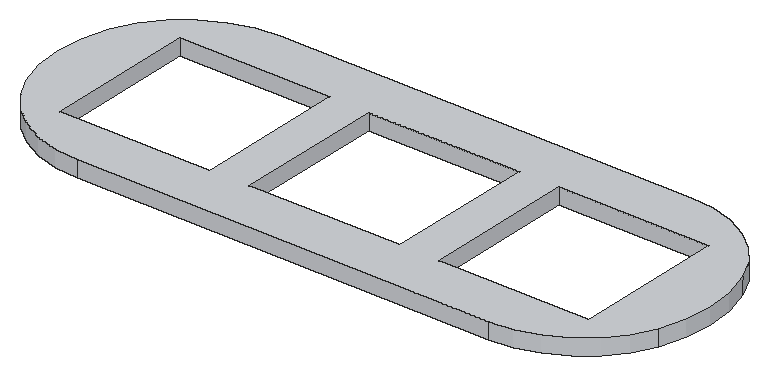
Revit family "Gira_0213135", category Electrical Fixtures, host Face, Revit 2017
Family settings
  Host = Face
  Maintain Annotation Orientation = No
  Round Connector Dimension = Use Diameter
  Part Type = Normal
  Cut with Voids When Loaded = No
  Shared = No
  Room Calculation Point = No
Parameters (values of type "Cov.fr. 3-g Gira Studio black gl.")
  URL = "http://katalog.gira.de/en/datenblatt.html?artikelnr=0213135"
  Transparent = "No"
  Name = "Cov.fr. 3-g Gira Studio black gl."
  Manufacturer URL = "https://www.gira.de/"
  Manufacturer = "Gira"
  Label space/information surface = "No"
  Keynote = ""
  HeinzeBIM = "https://bimportal.heinze.de/bim/cov-fr-3-g-gira-studio-black-gl-/d3dbf92154137cf9511deaaeea659c59a5bf21b6"
  HAN = "0213135"
  GTIN = "4010337045687"
  Description = "Cov.fr.3g Stud. GBk,Gira Studio cover frame,black glass,3-gang,Installation in standard device boxes, can be extended as required through installation in device boxes with spacer glands.,For surface-mounted installation: Gira Studio, housing, 1-gang, with cover frame, 1-gang, can be extended as required."
  Default Elevation = 1219.2 mm
  Data sheet (1) = "https://katalog.gira.de/en/download.html?artikelnr=0213135"
  Category = "Cover frame for domestic switching devices"
  BIM (2) = "https://media.stage.bim.site/public/gira/36a6b08/Studio_Rahmen_Tragplatte_3fach.rfa"
  BIM (1) = "https://media.stage.bim.site/public/gira/36a6b08/Studio_Rahmen_Abdeckplatte_3fach.rfa"
  Available = "No"
Reference planes
  plane 1 "Center (Front/Back)": y = 0
  plane 2: z = 0
  plane 3 "Center (Left/Right)": x = 0
Forms (mm)
  Extrusion 1, solid, detail levels fine
    sketch origin (0, 0, 0) x (0, -1, 0) y (1, 0, 0)
      loop
        arc (-47.5, -77.3) -> (-39.942, -102.262) -> (-19.808, -118.838) r 45
        arc (-19.808, -118.838) -> (0, -122.8) -> (19.808, -118.838) r 51.5
        arc (19.808, -118.838) -> (39.942, -102.262) -> (47.5, -77.3) r 45
        line (47.5, -77.3) -> (47.5, 77.3)
        arc (47.5, 77.3) -> (39.942, 102.262) -> (19.808, 118.838) r 45
        arc (19.808, 118.838) -> (0, 122.8) -> (-19.808, 118.838) r 51.5
        arc (-19.808, 118.838) -> (-39.942, 102.262) -> (-47.5, 77.3) r 45
        line (-47.5, 77.3) -> (-47.5, -77.3)
      loop
        line (-28.2, -99.5) -> (28.2, -99.5) -> (28.2, -43.1) -> (-28.2, -43.1) -> (-28.2, -99.5)
      loop
        line (28.2, 99.5) -> (-28.2, 99.5) -> (-28.2, 43.1) -> (28.2, 43.1) -> (28.2, 99.5)
      loop
        line (-28.2, 28.2) -> (-28.2, -28.2) -> (28.2, -28.2) -> (28.2, 28.2) -> (-28.2, 28.2)
    from 0 to 6
  Extrusion 2, solid, detail levels medium
    sketch origin (0, 0, 0) x (0, -1, 0) y (1, 0, 0)
      loop
        arc (-47.5, -77.3) -> (-39.942, -102.262) -> (-19.808, -118.838) r 45
        arc (-19.808, -118.838) -> (0, -122.8) -> (19.808, -118.838) r 51.5
        arc (19.808, -118.838) -> (39.942, -102.262) -> (47.5, -77.3) r 45
        line (47.5, -77.3) -> (47.5, 77.3)
        arc (47.5, 77.3) -> (39.942, 102.262) -> (19.808, 118.838) r 45
        arc (19.808, 118.838) -> (0, 122.8) -> (-19.808, 118.838) r 51.5
        arc (-19.808, 118.838) -> (-39.942, 102.262) -> (-47.5, 77.3) r 45
        line (-47.5, 77.3) -> (-47.5, -77.3)
    from 0 to 6
  Extrusion 3, solid, detail levels coarse
    sketch origin (0, 0, 0) x (0, -1, 0) y (1, 0, 0)
      loop
        line (-47.5, 122.8) -> (-47.5, -122.8) -> (47.5, -122.8) -> (47.5, 122.8) -> (-47.5, 122.8)
    from 0 to 6
Dimensions and locks
  aligned and locked: plane 2 to host face
  aligned and locked: level to host face
